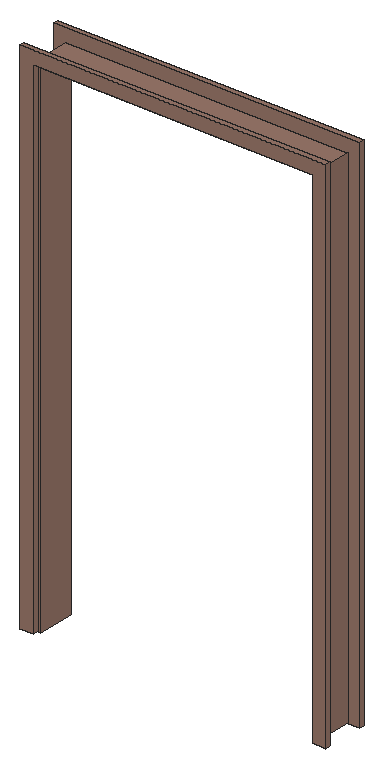
Revit family
Parameters (values of type "@h-1230x 2100")
  Frame Material = Door - Frame
  Height = 2100 mm
  Trim Thickness = 20 mm
  Trim Width = 55 mm
  Width = 1160 mm
  Assembly Code = ""
Reference planes
  plane 1: y = 0
  plane 2 "Center (Left/Right)": x = -8.189
  plane 3 "Right": x = 571.811
  plane 4 "Left": x = -588.189
  plane 5 "Top": z = 2100
  plane 6: y = 96.2
  plane 7: y = -96.2
Forms (mm)
  Sweep 1, solid, material "Door - Frame" <- "Frame Material", detail levels medium+fine
    path in 3D
      loop
        line (571.811, 76.2, 0) -> (571.811, 76.2, 2100) -> (-588.189, 76.2, 2100) -> (-588.189, 76.2, 0)
    profile origin (372.811, 0, 1050) x (0, 1, 0) y (-1, 0, 0)
      loop
        line (76.2, -198.05) -> (76.2, -179) -> (-76.2, -179) -> (-76.2, -198.05) -> (76.2, -198.05)
  Extrusion 2, solid, material "Door - Frame" <- "Frame Material", detail levels medium+fine
    sketch origin (-1524, 76.2, 0) x (-1, 0, 0) y (0, 0, 1)
      loop
        line (-2089.461, 0) -> (-2089.461, 2093.65) -> (-942.161, 2093.65) -> (-942.161, 0) -> (-887.161, 0) -> (-887.161, 2154.05) -> (-2144.461, 2154.05) -> (-2144.461, 0) -> (-2089.461, 0)
    from 0 to 20
  Extrusion 3, solid, material "Door - Frame" <- "Frame Material", detail levels medium+fine
    sketch origin (-1524, -76.2, 0) x (1, 0, 0) y (0, 0, 1)
      loop
        line (942.161, 2093.65) -> (2089.461, 2093.65) -> (2089.461, 0) -> (2144.461, 0) -> (2144.461, 2148.65) -> (887.161, 2148.65) -> (887.161, 0) -> (942.161, 0) -> (942.161, 2093.65)
    from 0 to 20
Lines and regions (mm)
  Opening 1
    outline origin (-1524, -76.2, 0) x (1, 0, 0) y (0, 0, 1)
      loop
        line (2095.811, 2100) -> (935.811, 2100) -> (935.811, 0) -> (2095.811, 0) -> (2095.811, 2100)
  symbolic lines, style "Overhead"
    curve 1: line (-588.189, 76.2, 0) -> (571.811, 76.2, 0)
    curve 2: line (-588.189, -76.2, 0) -> (571.811, -76.2, 0)
  sketch lines
    curve 3: line (571.811, 76.2, 0) -> (571.811, 76.2, 2100)
    curve 4: line (571.811, 76.2, 2100) -> (-588.189, 76.2, 2100)
    curve 5: line (-588.189, 76.2, 2100) -> (-588.189, 76.2, 0)
  symbolic lines, style "GenericModel", detail levels medium+fine
    curve 6: line (-656.839, 76.2, 0) -> (-656.839, 96.2, 0)
    curve 7: line (-656.839, 96.2, 0) -> (-581.839, 96.2, 0)
    curve 8: line (-581.839, 96.2, 0) -> (-581.839, 76.2, 0)
    curve 9: line (-568.189, 76.2, 0) -> (-568.189, -76.2, 0)
    curve 10: line (-581.839, -76.2, 0) -> (-581.839, -96.2, 0)
    curve 11: line (-581.839, -96.2, 0) -> (-656.839, -96.2, 0)
    curve 12: line (-656.839, -96.2, 0) -> (-656.839, -76.2, 0)
    curve 13: line (640.461, 76.2, 0) -> (640.461, 96.2, 0)
    curve 14: line (640.461, 96.2, 0) -> (565.461, 96.2, 0)
    curve 15: line (565.461, 96.2, 0) -> (565.461, 76.2, 0)
    curve 16: line (551.811, 76.2, 0) -> (551.811, -76.2, 0)
    curve 17: line (565.461, -76.2, 0) -> (565.461, -96.2, 0)
    curve 18: line (565.461, -96.2, 0) -> (640.461, -96.2, 0)
    curve 19: line (640.461, -96.2, 0) -> (640.461, -76.2, 0)
Text (mm)
  text "Placement Side" at (0, 1019.848, 3124.603), in view "Right"
  text "Placement Side" at (-1787.662, 1269.283, 0), in view "Ref. Level"
  text "Placement Side" at (0, 1504.039, 2975.729), in view "Left"
Dimensions and locks
  "Width": plane 4 "Left" to plane 3 "Right"
  equal spacing: plane 4 "Left", plane 2 "Center (Left/Right)", plane 3 "Right"
  "Height": host wall to plane 5 "Top"
  "Trim Thickness": Sweep 1 sketch curve to plane 3 "Right"
  plane 3 "Right" to Extrusion 2 sketch curve = 6.35 mm
  "Trim Width": Extrusion 2 sketch curve to Extrusion 2 sketch curve  (x2)
  locked: plane 4 "Left" to Extrusion 2 sketch curve at 6.35
  locked: Extrusion 2 sketch curve to plane 5 "Top" at 6.35
  "Trim Width": Sweep 1 to Extrusion 2 sketch curve
  locked: Extrusion 3 sketch curve to plane 4 "Left" at 6.35
  "Trim Width": Extrusion 3 sketch curve to Extrusion 3 sketch curve  (x3)
  locked: plane 5 "Top" to Extrusion 3 sketch curve at 6.35
  locked: plane 3 "Right" to Extrusion 3 sketch curve at 6.35
  "Trim Thickness": host wall to plane 6
  "Trim Thickness": plane 7 to host wall
  aligned and locked: plane 3 "Right" to Opening 1 sketch curve
  aligned and locked: Opening 1 sketch curve to plane 5 "Top"
  aligned and locked: level to Opening 1 sketch curve
  aligned and locked: Opening 1 sketch curve to plane 4 "Left"
  aligned and locked: host wall to Sweep 1 sketch curve  (x2)
  aligned and locked: Extrusion 2 to plane 6
  aligned and locked: Extrusion 3 to plane 7
Automatic sketch dimensions
  Sweep 1 sketch curve to Sweep 1 sketch curve = 19.05 mm
  Extrusion 2 sketch curve to level = 0 mm  (x2)
  Extrusion 3 sketch curve to level = 0 mm  (x2)
  curve 12 to plane 7 = 0 mm
  curve 7 to plane 6 = 0 mm
  curve 12 to host wall = 0 mm
  curve 6 to host wall = 0 mm
  curve 2 to host wall = 0 mm
  curve 2 to plane 4 "Left" = 0 mm
  curve 1 to host wall = 0 mm
  curve 1 to plane 4 "Left" = 0 mm
  curve 17 to plane 7 = 0 mm
  curve 14 to plane 6 = 0 mm
  curve 1 to plane 3 "Right" = 0 mm
  curve 2 to plane 3 "Right" = 0 mm
  curve 13 to host wall = 0 mm
  curve 19 to host wall = 0 mm
  curve 11 to plane 4 "Left" = 68.65 mm
  curve 6 to plane 4 "Left" = 68.65 mm
  curve 2 to curve 10 = 6.35 mm
  curve 1 to curve 8 = 6.35 mm
  curve 10 to curve 9 = 13.65 mm
  curve 16 to plane 3 "Right" = 20 mm
  curve 17 to plane 3 "Right" = 6.35 mm
  curve 14 to plane 3 "Right" = 6.35 mm
  plane 3 "Right" to curve 13 = 68.65 mm
  plane 3 "Right" to curve 18 = 68.65 mm
